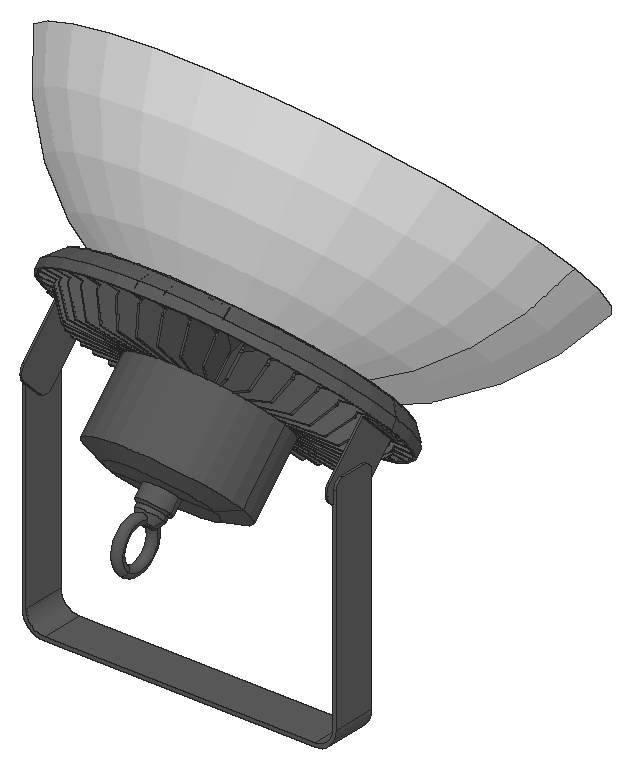
Revit family "0039347+0039353+0039356 Feilo Sylvania Lighting Fixture START HIGHBAY 4K 13KLM WIDE with BRACKET and ALU SHADE ALU COLOR", category Lighting Fixtures, host Face, Revit 2017 (continued)
Definition of nested family "Start LED Highbay Head"
  Dimensions and locks
    "RHHeight4_FEILO": plane 33 to plane 34
    "RHRadius3_FEILO": plane 3 "Center (Left/Right)" to plane 35
    "RHHeight1_FEILO": plane 28 to plane 30
    "EyeInner_FEILO": plane 34 to plane 36
    "EyeInner_FEILO": plane 36 to plane 37
    equal spacing: plane 38, plane 3 "Center (Left/Right)", plane 39
    "EyeThickness_FEILO": plane 38 to plane 39
    "EyeThickness_FEILO": plane 37 to plane 40
    equal spacing: plane 37, plane 41, plane 40
    equal spacing: plane 6, plane 42, plane 18
    "ThicknessBracket_FEILO": plane 45 to plane 6
    "ThicknessBracket_FEILO": plane 8 to plane 44
    locked: plane 43 to plane 18 at 1
    equal spacing: plane 24, plane 46, plane 26
    equal spacing: plane 47, plane 1 "Center (Front/Back)", plane 48
    "WidthBracket_FEILO": plane 47 to plane 48
    "WidthRingChamfer_FEILO": plane 50 to plane 49
    "ThicknessWall_FEILO": plane 51 to plane 49
    equal spacing: plane 50, plane 52, plane 51
    "ThicknessBracket_FEILO": plane 54 to plane 50
    locked: plane 53 to plane 51 at 1
    "Radius_FEILO": plane 49 to plane 3 "Center (Left/Right)"
    "ShadeRadiusOut_FEILO": plane 3 "Center (Left/Right)" to plane 55
    "ShadeHeight_FEILO": plane 56 to plane 4
    "ShadeRadiusIn_FEILO": plane 3 "Center (Left/Right)" to plane 57
    locked: plane 58 to plane 57 at 8
    "ShadeThickness_FEILO": plane 60 to plane 4
    "ShadeThickness_FEILO": plane 59 to plane 55
    "EyeThicknessHalf_FEILO": radius of curve 8
    "ThicknessBracket_FEILO": radius of Extrusion 7 sketch curve  (x2)
    "ThicknessBracketHalf_FEILO": radius of Extrusion 7 sketch curve  (x2)
    "ShadeRadiusBend_FEILO": radius of curve 9
    aligned and locked: plane 2 to Extrusion 1
    aligned and locked: level to Extrusion 1
    aligned and locked: plane 5 to curve 1
    aligned and locked: plane 6 to curve 1
    aligned and locked: plane 7 to curve 1
    aligned and locked: plane 10 to curve 2
    aligned and locked: plane 9 to curve 3
    aligned and locked: plane 4 to curve 3
    aligned and locked: plane 11 to curve 3
    aligned and locked: plane 4 to curve 4
    aligned and locked: plane 18 to curve 5
    aligned and locked: plane 10 to curve 5
    aligned and locked: Revolve 2 sketch curve to plane 3 "Center (Left/Right)"
    aligned and locked: Revolve 2 sketch curve to curve 3
    aligned and locked: Revolve 2 sketch curve to curve 1
    aligned and locked: plane 4 to Revolve 2 sketch curve
    aligned and locked: plane 9 to Revolve 2 sketch curve
    aligned and locked: Revolve 2 sketch curve to plane 13
    aligned and locked: Revolve 2 sketch curve to plane 10
    aligned and locked: plane 13 to Revolve 2 sketch curve
    aligned and locked: plane 10 to Revolve 2 sketch curve
    aligned and locked: Revolve 2 sketch curve to plane 18
    aligned and locked: Revolve 2 sketch curve to plane 8
    aligned and locked: plane 5 to Revolve 2 sketch curve  (x2)
    aligned and locked: Revolve 3 sketch curve to plane 3 "Center (Left/Right)"
    aligned and locked: plane 11 to Revolve 3 sketch curve
    aligned and locked: Revolve 3 sketch curve to curve 2
    aligned and locked: plane 15 to Revolve 3 sketch curve
    aligned and locked: Revolve 3 sketch curve to plane 16
    aligned and locked: plane 17 to Revolve 3 sketch curve  (x2)
    aligned and locked: Revolve 3 sketch curve to plane 12
    aligned and locked: plane 7 to Revolve 3 sketch curve
    aligned and locked: Revolve 4 sketch curve to plane 3 "Center (Left/Right)"
    aligned and locked: Revolve 4 sketch curve to plane 14
    aligned and locked: plane 3 "Center (Left/Right)" to Revolve 4 sketch curve
    aligned and locked: Revolve 4 sketch curve to plane 12
    aligned and locked: plane 15 to Revolve 4 sketch curve
    aligned and locked: Revolve 2 sketch curve to curve 5
    aligned and locked: plane 22 to curve 6
    aligned and locked: plane 21 to curve 6
    aligned and locked: plane 20 to curve 6
    aligned and locked: plane 19 to curve 6
    aligned and locked: plane 33 to curve 7
    aligned and locked: plane 32 to curve 7
    aligned and locked: plane 35 to curve 7
    aligned and locked: plane 34 to curve 7
    aligned and locked: Revolve 5 sketch curve to plane 3 "Center (Left/Right)"
    aligned and locked: Revolve 5 sketch curve to plane 25
    aligned and locked: plane 27 to Revolve 5 sketch curve
    aligned and locked: plane 28 to Revolve 5 sketch curve
    aligned and locked: plane 30 to Revolve 5 sketch curve
    aligned and locked: Revolve 5 sketch curve to plane 29
    aligned and locked: plane 31 to Revolve 5 sketch curve
    aligned and locked: Revolve 5 sketch curve to curve 7
    aligned and locked: Revolve 5 sketch curve to plane 32
    aligned and locked: plane 34 to Revolve 5 sketch curve
    aligned and locked: plane 3 "Center (Left/Right)" to Revolve 5 sketch curve
    aligned and locked: plane 3 "Center (Left/Right)" to curve 8
    aligned and locked: plane 41 to curve 8
    aligned and locked: Revolve 6 sketch curve to plane 36
    aligned and locked: Revolve 6 sketch curve to curve 8
    aligned and locked: plane 43 to Extrusion 7 sketch curve  (x2)
    aligned and locked: plane 8 to Extrusion 7 sketch curve  (x3)
    aligned and locked: Extrusion 7 sketch curve to plane 45
    aligned and locked: Extrusion 7 sketch curve to plane 46  (x2)
    aligned and locked: plane 6 to Extrusion 7 sketch curve
    aligned and locked: Extrusion 7 sketch curve to plane 44  (x2)
    aligned and locked: Extrusion 7 to plane 48
    aligned and locked: plane 47 to Extrusion 7
    aligned and locked: plane 53 to Extrusion 7 sketch curve
    aligned and locked: plane 50 to Extrusion 7 sketch curve
    aligned and locked: Extrusion 7 sketch curve to plane 54
    aligned and locked: Extrusion 8 sketch curve to Extrusion 8 sketch curve
    aligned and locked: Extrusion 8 to plane 6
    aligned and locked: Extrusion 8 to Extrusion 7
    aligned and locked: Revolve 5 sketch curve to plane 22
    aligned and locked: plane 23 to nested 1
    aligned and locked: plane 1 "Center (Front/Back)" to nested 1
    aligned and locked: Revolve 9 sketch curve to plane 3 "Center (Left/Right)"
    aligned and locked: Revolve 9 sketch curve to plane 4
    aligned and locked: plane 6 to Revolve 9 sketch curve
    aligned and locked: plane 4 to Revolve 9 sketch curve
    aligned and locked: plane 7 to Revolve 9 sketch curve
    aligned and locked: Revolve 9 sketch curve to plane 5
    aligned and locked: plane 8 to Revolve 9 sketch curve  (x2)
    aligned and locked: Revolve 9 sketch curve to plane 19
    aligned and locked: plane 20 to Revolve 9 sketch curve
    aligned and locked: plane 19 to Revolve 9 sketch curve
    aligned and locked: plane 21 to Revolve 9 sketch curve
    aligned and locked: plane 22 to Revolve 9 sketch curve  (x2)
    aligned and locked: Revolve 9 sketch curve to Revolve 9 sketch curve
    aligned and locked: imposter light to plane 4
    aligned and locked: plane 3 "Center (Left/Right)" to imposter light
    aligned and locked: imposter light to plane 1 "Center (Front/Back)"
    aligned and locked: plane 55 to curve 9
    aligned and locked: plane 56 to curve 9
    aligned and locked: plane 57 to curve 9
    aligned and locked: plane 4 to curve 9
    aligned and locked: Revolve 10 sketch curve to curve 9
    aligned and locked: plane 58 to Revolve 10 sketch curve
    aligned and locked: plane 57 to Revolve 10 sketch curve
    aligned and locked: plane 56 to Revolve 10 sketch curve  (x2)
    aligned and locked: Revolve 10 sketch curve to plane 58
    aligned and locked: plane 60 to Revolve 10 sketch curve
  Automatic sketch dimensions
    Extrusion 1 sketch curve to Extrusion 1 sketch curve = 2438.4 mm  (x2)
    Revolve 2 sketch curve to plane 6 = 0.299 mm
    plane 6 to Revolve 2 sketch curve = 0.459 mm
    Revolve 2 sketch curve to level = 609.6 mm
    Revolve 2 sketch curve to Revolve 2 sketch curve = 2312.223 mm
    Revolve 3 sketch curve to plane 12 = 0 mm
    Revolve 3 sketch curve to plane 3 "Center (Left/Right)" = 0 mm
    Revolve 3 sketch curve to level = 609.6 mm
    Revolve 3 sketch curve to plane 4 = 2339.058 mm
    Revolve 4 sketch curve to level = 609.6 mm
    Revolve 4 sketch curve to plane 4 = 2339.058 mm
    Revolve 6 sketch curve to plane 5 = 1080 mm
    plane 38 to Revolve 6 sketch curve = 1219.2 mm
    Extrusion 8 sketch curve to plane 47 = 0 mm
    plane 46 to Extrusion 8 sketch curve = 0 mm  (x2)
    Extrusion 8 sketch curve to plane 48 = 0 mm
    plane 47 to Extrusion 8 sketch curve = 5 mm
    plane 1 "Center (Front/Back)" to Extrusion 8 sketch curve = 10 mm
    Extrusion 8 sketch curve to Extrusion 8 sketch curve = 10 mm
    plane 46 to Extrusion 8 sketch curve = 5 mm
    Extrusion 8 sketch curve to Extrusion 8 sketch curve = 5 mm
    Extrusion 8 sketch curve to plane 48 = 5 mm
    Revolve 5 sketch curve to plane 26 = 0 mm
    Revolve 5 sketch curve to plane 35 = 0.437 mm
    plane 35 to Revolve 5 sketch curve = 0.847 mm
    Revolve 5 sketch curve to plane 34 = 0.726 mm
    plane 40 to Revolve 5 sketch curve = 590.2 mm
    Revolve 5 sketch curve to plane 4 = 2339.058 mm
    Revolve 9 sketch curve to level = 609.6 mm
    Revolve 9 sketch curve to Revolve 9 sketch curve = 2386.058 mm
    curve 2 to plane 3 "Center (Left/Right)" = 0 mm
    Revolve 10 sketch curve to Revolve 10 sketch curve = 0 mm  (x2)
    Revolve 10 sketch curve to plane 3 "Center (Left/Right)" = 0 mm
    plane 57 to Revolve 10 sketch curve = 0.659 mm
    Revolve 10 sketch curve to level = 609.6 mm
    Revolve 10 sketch curve to Revolve 10 sketch curve = 2068.248 mm
  Nested families
    nested 1: "Start Highbay Rib" at (0, 0, 67.775), type "Type Name", detail levels medium+fine
      with SuspensionHeight_FEILO 2.6 mm
    nested 2: "Start Highbay Rib" at (0, 0, 67.775) x (0.9877, 0.1564, 0) z (0, 0, 1), type "Type Name", detail levels medium+fine
      with SuspensionHeight_FEILO 2.6 mm
    nested 3: "Start Highbay Rib" at (0, 0, 67.775) x (0.9511, 0.309, 0) z (0, 0, 1), type "Type Name", detail levels medium+fine
      with SuspensionHeight_FEILO 2.6 mm
    nested 4: "Start Highbay Rib" at (0, 0, 67.775) x (0.891, 0.454, 0) z (0, 0, 1), type "Type Name", detail levels medium+fine
      with SuspensionHeight_FEILO 2.6 mm
    nested 5: "Start Highbay Rib" at (0, 0, 67.775) x (0.809, 0.5878, 0) z (0, 0, 1), type "Type Name", detail levels medium+fine
      with SuspensionHeight_FEILO 2.6 mm
    nested 6: "Start Highbay Rib" at (0, 0, 67.775) x (0.7071, 0.7071, 0) z (0, 0, 1), type "Type Name", detail levels medium+fine
      with SuspensionHeight_FEILO 2.6 mm
    nested 7: "Start Highbay Rib" at (0, 0, 67.775) x (0.5878, 0.809, 0) z (0, 0, 1), type "Type Name", detail levels medium+fine
      with SuspensionHeight_FEILO 2.6 mm
    nested 8: "Start Highbay Rib" at (0, 0, 67.775) x (0.454, 0.891, 0) z (0, 0, 1), type "Type Name", detail levels medium+fine
      with SuspensionHeight_FEILO 2.6 mm
    nested 9: "Start Highbay Rib" at (0, 0, 67.775) x (0.309, 0.9511, 0) z (0, 0, 1), type "Type Name", detail levels medium+fine
      with SuspensionHeight_FEILO 2.6 mm
    nested 10: "Start Highbay Rib" at (0, 0, 67.775) x (0.1564, 0.9877, 0) z (0, 0, 1), type "Type Name", detail levels medium+fine
      with SuspensionHeight_FEILO 2.6 mm
    nested 11: "Start Highbay Rib" at (0, 0, 67.775) x (0, 1, 0) z (0, 0, 1), type "Type Name", detail levels medium+fine
      with SuspensionHeight_FEILO 2.6 mm
    nested 12: "Start Highbay Rib" at (0, 0, 67.775) x (-0.1564, 0.9877, 0) z (0, 0, 1), type "Type Name", detail levels medium+fine
      with SuspensionHeight_FEILO 2.6 mm
    nested 13: "Start Highbay Rib" at (0, 0, 67.775) x (-0.309, 0.9511, 0) z (0, 0, 1), type "Type Name", detail levels medium+fine
      with SuspensionHeight_FEILO 2.6 mm
    nested 14: "Start Highbay Rib" at (0, 0, 67.775) x (-0.454, 0.891, 0) z (0, 0, 1), type "Type Name", detail levels medium+fine
      with SuspensionHeight_FEILO 2.6 mm
    nested 15: "Start Highbay Rib" at (0, 0, 67.775) x (-0.5878, 0.809, 0) z (0, 0, 1), type "Type Name", detail levels medium+fine
      with SuspensionHeight_FEILO 2.6 mm
    nested 16: "Start Highbay Rib" at (0, 0, 67.775) x (-0.7071, 0.7071, 0) z (0, 0, 1), type "Type Name", detail levels medium+fine
      with SuspensionHeight_FEILO 2.6 mm
    nested 17: "Start Highbay Rib" at (0, 0, 67.775) x (-0.809, 0.5878, 0) z (0, 0, 1), type "Type Name", detail levels medium+fine
      with SuspensionHeight_FEILO 2.6 mm
    nested 18: "Start Highbay Rib" at (0, 0, 67.775) x (-0.891, 0.454, 0) z (0, 0, 1), type "Type Name", detail levels medium+fine
      with SuspensionHeight_FEILO 2.6 mm
    nested 19: "Start Highbay Rib" at (0, 0, 67.775) x (-0.9511, 0.309, 0) z (0, 0, 1), type "Type Name", detail levels medium+fine
      with SuspensionHeight_FEILO 2.6 mm
    nested 20: "Start Highbay Rib" at (0, 0, 67.775) x (-0.9877, 0.1564, 0) z (0, 0, 1), type "Type Name", detail levels medium+fine
      with SuspensionHeight_FEILO 2.6 mm
    nested 21: "Start Highbay Rib" at (0, 0, 67.775) x (-1, 0, 0) z (0, 0, 1), type "Type Name", detail levels medium+fine
      with SuspensionHeight_FEILO 2.6 mm
    nested 22: "Start Highbay Rib" at (0, 0, 67.775) x (-0.9877, -0.1564, 0) z (0, 0, 1), type "Type Name", detail levels medium+fine
      with SuspensionHeight_FEILO 2.6 mm
    nested 23: "Start Highbay Rib" at (0, 0, 67.775) x (-0.9511, -0.309, 0) z (0, 0, 1), type "Type Name", detail levels medium+fine
      with SuspensionHeight_FEILO 2.6 mm
    nested 24: "Start Highbay Rib" at (0, 0, 67.775) x (-0.891, -0.454, 0) z (0, 0, 1), type "Type Name", detail levels medium+fine
      with SuspensionHeight_FEILO 2.6 mm
    nested 25: "Start Highbay Rib" at (0, 0, 67.775) x (-0.809, -0.5878, 0) z (0, 0, 1), type "Type Name", detail levels medium+fine
      with SuspensionHeight_FEILO 2.6 mm
    nested 26: "Start Highbay Rib" at (0, 0, 67.775) x (-0.7071, -0.7071, 0) z (0, 0, 1), type "Type Name", detail levels medium+fine
      with SuspensionHeight_FEILO 2.6 mm
    nested 27: "Start Highbay Rib" at (0, 0, 67.775) x (-0.5878, -0.809, 0) z (0, 0, 1), type "Type Name", detail levels medium+fine
      with SuspensionHeight_FEILO 2.6 mm
    nested 28: "Start Highbay Rib" at (0, 0, 67.775) x (-0.454, -0.891, 0) z (0, 0, 1), type "Type Name", detail levels medium+fine
      with SuspensionHeight_FEILO 2.6 mm
    nested 29: "Start Highbay Rib" at (0, 0, 67.775) x (-0.309, -0.9511, 0) z (0, 0, 1), type "Type Name", detail levels medium+fine
      with SuspensionHeight_FEILO 2.6 mm
    nested 30: "Start Highbay Rib" at (0, 0, 67.775) x (-0.1564, -0.9877, 0) z (0, 0, 1), type "Type Name", detail levels medium+fine
      with SuspensionHeight_FEILO 2.6 mm
    nested 31: "Start Highbay Rib" at (0, 0, 67.775) x (0, -1, 0) z (0, 0, 1), type "Type Name", detail levels medium+fine
      with SuspensionHeight_FEILO 2.6 mm
    nested 32: "Start Highbay Rib" at (0, 0, 67.775) x (0.1564, -0.9877, 0) z (0, 0, 1), type "Type Name", detail levels medium+fine
      with SuspensionHeight_FEILO 2.6 mm
    nested 33: "Start Highbay Rib" at (0, 0, 67.775) x (0.309, -0.9511, 0) z (0, 0, 1), type "Type Name", detail levels medium+fine
      with SuspensionHeight_FEILO 2.6 mm
    nested 34: "Start Highbay Rib" at (0, 0, 67.775) x (0.454, -0.891, 0) z (0, 0, 1), type "Type Name", detail levels medium+fine
      with SuspensionHeight_FEILO 2.6 mm
    nested 35: "Start Highbay Rib" at (0, 0, 67.775) x (0.5878, -0.809, 0) z (0, 0, 1), type "Type Name", detail levels medium+fine
      with SuspensionHeight_FEILO 2.6 mm
    nested 36: "Start Highbay Rib" at (0, 0, 67.775) x (0.7071, -0.7071, 0) z (0, 0, 1), type "Type Name", detail levels medium+fine
      with SuspensionHeight_FEILO 2.6 mm
    nested 37: "Start Highbay Rib" at (0, 0, 67.775) x (0.809, -0.5878, 0) z (0, 0, 1), type "Type Name", detail levels medium+fine
      with SuspensionHeight_FEILO 2.6 mm
    nested 38: "Start Highbay Rib" at (0, 0, 67.775) x (0.891, -0.454, 0) z (0, 0, 1), type "Type Name", detail levels medium+fine
      with SuspensionHeight_FEILO 2.6 mm
    nested 39: "Start Highbay Rib" at (0, 0, 67.775) x (0.9511, -0.309, 0) z (0, 0, 1), type "Type Name", detail levels medium+fine
      with SuspensionHeight_FEILO 2.6 mm
    nested 40: "Start Highbay Rib" at (0, 0, 67.775) x (0.9877, -0.1564, 0) z (0, 0, 1), type "Type Name", detail levels medium+fine
      with SuspensionHeight_FEILO 2.6 mm
  Definition of nested family "Start Highbay Rib"
    Parameters (values of type "Type Name")
      WidthStraight_FEILO = if(SizeS_FEILO, 3 mm, if(SizeM_FEILO, 4 mm, 4.7 mm))  # 3 mm
      WidthRingChamfer_FEILO = if(SizeS_FEILO, 10.3 mm, if(SizeM_FEILO, 11.2 mm, 12.9 mm))  # 10.3 mm
      WidthCurved_FEILO = if(SizeS_FEILO, 17.4 mm, if(SizeM_FEILO, 16.4 mm, 26.2 mm))  # 17.4 mm
      WidthCurvedRing_FEILO = if(SizeS_FEILO, 3 mm, if(SizeM_FEILO, 4 mm, 4.7 mm))  # 3 mm
      WidthBracket_FEILO = 40 mm
      URL = "http://www.feilosylvania.com"
      Type Image = (empty or 0)
      Type Comments = "n/a"
      ThicknessWall_FEILO = 1.5 mm
      ThicknessBracket_FEILO = 1.5 mm
      ThicknessBracketHalf_FEILO = ThicknessBracket_FEILO / 2  # 0.75 mm
      SuspensionHeight_FEILO [instance] = 2.6 mm
      SizeS_FEILO = yes
      SizeM_FEILO = no
      Rib4_FEILO = if(SizeS_FEILO, 18.1 mm, if(SizeM_FEILO, 13.6 mm, 14.6 mm))  # 18.1 mm
      Rib3_FEILO = if(SizeS_FEILO, 15.3 mm, if(SizeM_FEILO, 17.6 mm, 20.2 mm))  # 15.3 mm
      Rib2_FEILO = if(SizeS_FEILO, 3.6 mm, if(SizeM_FEILO, 3.9 mm, 4.5 mm))  # 3.6 mm
      Rib1_FEILO = if(SizeS_FEILO, 15.1 mm, if(SizeM_FEILO, 16.5 mm, 19 mm))  # 15.1 mm
      RadiusRib_FEILO = 2 mm
      RadiusDiffuser_FEILO = if(SizeS_FEILO, 95.2 mm, if(SizeM_FEILO, 105.3 mm, 120 mm))  # 95.2 mm
      RHRadius3_FEILO = if(SizeS_FEILO, 6.6 mm, if(SizeM_FEILO, 7.4 mm, 8.6 mm))  # 6.6 mm
      RHRadius2_FEILO = if(SizeS_FEILO, 11 mm, if(SizeM_FEILO, 12 mm, 14 mm))  # 11 mm
      RHRadius1_FEILO = if(SizeS_FEILO, 13.6 mm, if(SizeM_FEILO, 14.9 mm, 17.7 mm))  # 13.6 mm
      RHHeight4_FEILO = if(SizeS_FEILO, 7.3 mm, if(SizeM_FEILO, 8 mm, 9.2 mm))  # 7.3 mm
      RHHeight3_FEILO = if(SizeS_FEILO, 3.6 mm, if(SizeM_FEILO, 3.7 mm, 4.6 mm))  # 3.6 mm
      RHHeight2_FEILO = if(SizeS_FEILO, 2 mm, if(SizeM_FEILO, 2.2 mm, 2.6 mm))  # 2 mm
      RHHeight1_FEILO = if(SizeS_FEILO, 11.8 mm, if(SizeM_FEILO, 15.3 mm, 17.4 mm))  # 11.8 mm
      Material_3_FEILO = none
      Model = ""
      Manufacturer = "Feilo Sylvania"
      Keynote = "16500"
      HeightRing_FEILO = if(SizeS_FEILO, 19.8 mm, if(SizeM_FEILO, 32 mm, 36.8 mm))  # 19.8 mm
      HeightRingChamfer_FEILO = if(SizeS_FEILO, 11.7 mm, if(SizeM_FEILO, 23.2 mm, 26.6 mm))  # 11.7 mm
      EyeThickness_FEILO = if(SizeS_FEILO, 8.4 mm, if(SizeM_FEILO, 9.2 mm, 10.5 mm))  # 8.4 mm
      EyeThicknessHalf_FEILO = EyeThickness_FEILO / 2  # 4.2 mm
      EyeInner_FEILO = if(SizeS_FEILO, 13.8 mm, if(SizeM_FEILO, 15.1 mm, 17.3 mm))  # 13.8 mm
      DriverVerticalStraight_FEILO = if(SizeS_FEILO, 46.5 mm, if(SizeM_FEILO, 49.7 mm, 57 mm))  # 46.5 mm
      DriverVerticalChamfer_FEILO = if(SizeS_FEILO, 7.5 mm, if(SizeM_FEILO, 8.2 mm, 9.5 mm))  # 7.5 mm
      DriverRadius_FEILO = if(SizeS_FEILO, 61.4 mm, if(SizeM_FEILO, 67.2 mm, 76.4 mm))  # 61.4 mm
      DriverRadiusTop_FEILO = if(SizeS_FEILO, 42 mm, if(SizeM_FEILO, 45.3 mm, 52.4 mm))  # 42 mm
      DriverBottom_FEILO = if(SizeS_FEILO, 56 mm, if(SizeM_FEILO, 64.5 mm, 74 mm))  # 56 mm
      Material_2_FEILO = none
      Radius_FEILO = if(SizeS_FEILO, 135 mm, if(SizeM_FEILO, 148 mm, 169.5 mm))  # 135 mm
      Description = ""
      Default Elevation = 1219.2 mm
      Cost = 0
      Material_1_FEILO = none
      Assembly Code = "D5020200"
      Material_4_FEILO = none
    Reference planes
      plane 1 "Center (Front/Back)": y = 0
      plane 2: z = 0
      plane 3 "Center (Left/Right)": x = 0
      plane 4: z = 2.6
      plane 5: x = -135
      plane 6: x = -124.7
      plane 7: z = -9.1
      plane 8: z = -17.2
      plane 9: x = -121.7
      plane 10: z = -0.025
      plane 11: x = -104.3
      plane 12: x = -95.2
      plane 13: x = -118.7
      plane 14: z = 0.975
      plane 15: z = -1.025
      plane 16: x = -92.2
      plane 17: z = -2.025
      plane 18: x = -133.5
      plane 19: x = -119.9
      plane 20: z = -20.8
      plane 21: x = -104.6
      plane 22: z = -38.9
      plane 23: x = -20
      plane 24: z = -53.4
      plane 25: x = -61.4
      plane 26: z = -99.9
      plane 27: x = -42
      plane 28: z = -107.4
      plane 29: x = -13.6
      plane 30: z = -119.2
      plane 31: z = -121.2
      plane 32: x = -11
      plane 33: z = -124.8
      plane 34: z = -132.1
      plane 35: x = -6.6
      plane 36: z = -145.9
      plane 37: z = -159.7
      plane 38: x = 4.2
      plane 39: x = -4.2
      plane 40: z = -168.1
      plane 41: z = -163.9
      plane 42: x = -129.1
      plane 43: x = -132.5
      plane 44: z = -18.7
      plane 45: x = -123.2
      plane 46: z = -76.65
      plane 47: y = -20
      plane 48: y = 20
      plane 49: x = 135
      plane 50: x = 124.7
      plane 51: x = 133.5
      plane 52: x = 129.1
      plane 53: x = 132.5
      plane 54: x = 123.2
      plane 55: y = 0.75
      plane 56: y = -0.75
    Forms (mm)
      Extrusion 1, solid
        sketch origin (4.2, 0, 0) x (1, 0, 0) y (0, 1, 0)
          loop
            line (-1219.2, 1219.2) -> (-1219.2, -1219.2) -> (1219.2, -1219.2) -> (1219.2, 1219.2) -> (-1219.2, 1219.2)
        from 0 to -68.017
      Extrusion 2, solid, material <- "Material_1_FEILO"
        sketch origin (0, 0, 0) x (1, 0, 0) y (0, 0, 1)
          loop
            arc (-104.3, -0.025) -> (-111.555, 0.423) -> (-118.7, 1.76) r 58.981
            line (-118.7, 1.76) -> (-118.7, -0.025) -> (-125.012, -0.025) -> (-133.5, -9.666) -> (-133.5, -17.2) -> (-119.9, -17.2) -> (-119.9, -20.068)
            arc (-119.9, -20.068) -> (-119.778, -20.755) -> (-119.427, -21.359) r 2
            line (-119.427, -21.359) -> (-104.966, -38.467)
            arc (-104.966, -38.467) -> (-104.381, -38.789) -> (-103.723, -38.9) r 2
            line (-103.723, -38.9) -> (-20, -38.9) -> (-20, -9.1) -> (-95.2, -9.1) -> (-95.2, -2.025) -> (-104.3, -2.025) -> (-104.3, -0.025)
        from -0.75 to 0.75
    Lines and regions (mm)
      reference lines
        curve 1: line (-135, 0, -9.1) -> (-124.7, 0, 2.6)
        curve 2: line (-104.3, 0, -0.025) -> (0, 0, -0.025)
        curve 3: arc (-104.3, 0, -0.025) -> (-113.098, 0, 0.635) -> (-121.7, 0, 2.6) r 58.981
        curve 4: line (-124.7, 0, 2.6) -> (-121.7, 0, 2.6)
        curve 5: line (-125.012, 0, -0.025) -> (-133.5, 0, -9.666)
        curve 6: line (-119.9, 0, -20.8) -> (-104.6, 0, -38.9)
    Dimensions and locks
      "Radius_FEILO": plane 3 "Center (Left/Right)" to plane 5
      "WidthRingChamfer_FEILO": plane 6 to plane 5
      "WidthStraight_FEILO": plane 9 to plane 6
      "WidthCurvedRing_FEILO": plane 13 to plane 9
      locked: plane 10 to plane 15 at 1
      locked: plane 14 to plane 10 at 1
      locked: plane 4 to plane 10 at 2.625
      locked: plane 15 to plane 17 at 1
      "ThicknessWall_FEILO": plane 18 to plane 5
      "ThicknessWall_FEILO": curve 5 to curve 1
      "HeightRingChamfer_FEILO": plane 4 to plane 7
      "HeightRing_FEILO": plane 4 to plane 8
      "RadiusDiffuser_FEILO": plane 3 "Center (Left/Right)" to plane 12
      locked: plane 16 to plane 12 at 3
      "WidthCurved_FEILO": plane 11 to plane 9
      "SuspensionHeight_FEILO": plane 4 to plane 2
      "Rib1_FEILO": plane 19 to plane 5
      "Rib2_FEILO": plane 8 to plane 20
      "Rib3_FEILO": plane 21 to plane 19
      "Rib4_FEILO": plane 20 to plane 22
      locked: plane 3 "Center (Left/Right)" to plane 23 at 20
      "DriverBottom_FEILO": plane 4 to plane 24
      "DriverRadius_FEILO": plane 3 "Center (Left/Right)" to plane 25
      "DriverVerticalStraight_FEILO": plane 24 to plane 26
      "DriverRadiusTop_FEILO": plane 3 "Center (Left/Right)" to plane 27
      "DriverVerticalChamfer_FEILO": plane 26 to plane 28
      "RHRadius1_FEILO": plane 3 "Center (Left/Right)" to plane 29
      "RHHeight2_FEILO": plane 30 to plane 31
      "RHRadius2_FEILO": plane 3 "Center (Left/Right)" to plane 32
      "RHHeight3_FEILO": plane 31 to plane 33
      "RHHeight4_FEILO": plane 33 to plane 34
      "RHRadius3_FEILO": plane 3 "Center (Left/Right)" to plane 35
      "RHHeight1_FEILO": plane 28 to plane 30
      "EyeInner_FEILO": plane 34 to plane 36
      "EyeInner_FEILO": plane 36 to plane 37
      equal spacing: plane 38, plane 3 "Center (Left/Right)", plane 39
      "EyeThickness_FEILO": plane 38 to plane 39
      "EyeThickness_FEILO": plane 37 to plane 40
      equal spacing: plane 37, plane 41, plane 40
      equal spacing: plane 6, plane 42, plane 18
      "ThicknessBracket_FEILO": plane 45 to plane 6
      "ThicknessBracket_FEILO": plane 8 to plane 44
      locked: plane 43 to plane 18 at 1
      equal spacing: plane 24, plane 46, plane 26
      equal spacing: plane 47, plane 1 "Center (Front/Back)", plane 48
      "WidthBracket_FEILO": plane 47 to plane 48
      "WidthRingChamfer_FEILO": plane 50 to plane 49
      "ThicknessWall_FEILO": plane 51 to plane 49
      equal spacing: plane 50, plane 52, plane 51
      "ThicknessBracket_FEILO": plane 54 to plane 50
      locked: plane 53 to plane 51 at 1
      "Radius_FEILO": plane 49 to plane 3 "Center (Left/Right)"
      equal spacing: plane 56, plane 1 "Center (Front/Back)", plane 55
      "ThicknessWall_FEILO": plane 56 to plane 55
      "RadiusRib_FEILO": radius of Extrusion 2 sketch curve  (x2)
      aligned and locked: plane 2 to Extrusion 1
      aligned and locked: level to Extrusion 1
      aligned and locked: plane 5 to curve 1
      aligned and locked: plane 6 to curve 1
      aligned and locked: plane 7 to curve 1
      aligned and locked: plane 10 to curve 2
      aligned and locked: plane 9 to curve 3
      aligned and locked: plane 4 to curve 3
      aligned and locked: plane 11 to curve 3
      aligned and locked: plane 4 to curve 4
      aligned and locked: plane 18 to curve 5
      aligned and locked: plane 10 to curve 5
      aligned and locked: plane 22 to curve 6
      aligned and locked: plane 21 to curve 6
      aligned and locked: plane 20 to curve 6
      aligned and locked: plane 19 to curve 6
      aligned and locked: Extrusion 2 sketch curve to plane 23
      aligned and locked: Extrusion 2 sketch curve to plane 22
      aligned and locked: Extrusion 2 sketch curve to curve 6
      aligned and locked: plane 19 to Extrusion 2 sketch curve
      aligned and locked: Extrusion 2 sketch curve to plane 8
      aligned and locked: Extrusion 2 sketch curve to curve 5
      aligned and locked: Extrusion 2 sketch curve to curve 3
      aligned and locked: Extrusion 2 to plane 55
      aligned and locked: plane 56 to Extrusion 2
      aligned and locked: curve 6 to Extrusion 2 sketch curve
    Automatic sketch dimensions
      Extrusion 1 sketch curve to Extrusion 1 sketch curve = 2438.4 mm  (x2)
      curve 2 to plane 3 "Center (Left/Right)" = 0 mm
      Extrusion 2 sketch curve to plane 18 = 0 mm
      Extrusion 2 sketch curve to plane 10 = 0 mm
      Extrusion 2 sketch curve to plane 13 = 0 mm
      Extrusion 2 sketch curve to plane 7 = 0 mm
      Extrusion 2 sketch curve to plane 12 = 0 mm
      Extrusion 2 sketch curve to plane 17 = 0 mm
      plane 19 to Extrusion 2 sketch curve = 0.473 mm
      Extrusion 2 sketch curve to plane 21 = 0.366 mm
